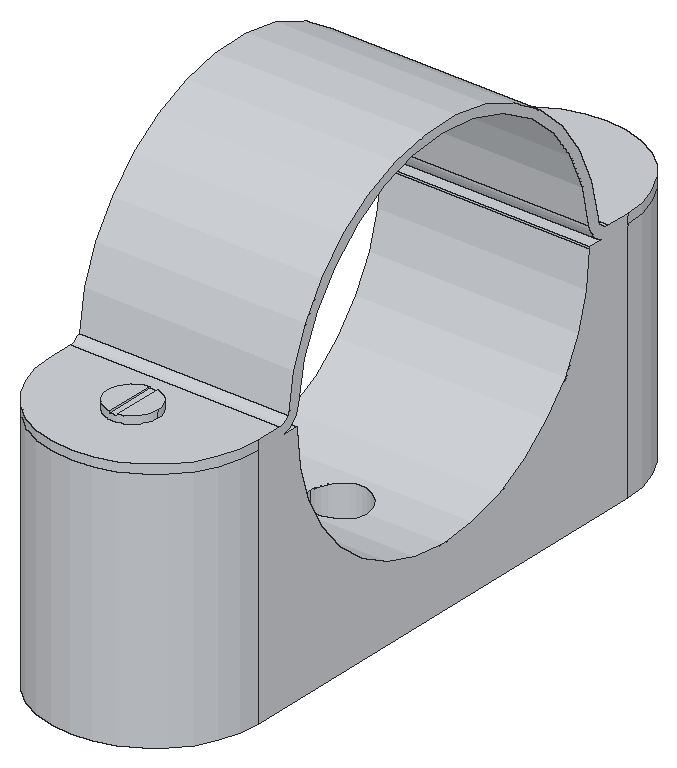
Revit family "DS5G", category Generic Models, Revit 2017
Family settings
  Can host rebar = No
  Round Connector Dimension = Use Diameter
  Part Type = Normal
  Work Plane-Based = Yes
  Always vertical = No
  Cut with Voids When Loaded = No
  Shared = No
  Room Calculation Point = No
Parameters (values of type "NBS Standard Parameters")
  Weight = "0.270Kg"
  WarrantyStartDate [instance] = "1900-12-31T23:59:59"
  WarrantyGuarantorParts = "n/a"
  WarrantyGuarantorLabor = "n/a"
  WarrantyDurationUnit = "year"
  WarrantyDurationParts = "n/a"
  WarrantyDurationLabor = "n/a"
  WarrantyDescription = "n/a"
  Version = "1"
  Uniclass2 = "Pr_65_70_11_20"
  TagNumber [instance] = "n/a"
  SustainabilityPerformance = "n/a"
  Size = "2\""
  Shape = "n/a"
  SerialNumber [instance] = "n/a"
  Revision = "n/a"
  ReplacementCost = "n/a"
  ProductInformation = "www.metpro.co.uk/pdf/ds5g.pdf"
  NominalWidth = 29 mm
  NominalLength = 93 mm
  NominalHeight = 60 mm
  Name = ""
  NBSTypeID = ""
  NBSReference = "90-55-10/460"
  NBSOfficeMasterTag = ""
  NBSNote = ""
  NBSDescription = "Conduit Fittings"
  NBSCertification = ""
  ModelReference = "DS5G"
  ModelNumber = "n/a"
  Material = "Cast Body, Pressed Steel Strap"
  ManufacturerURL = "www.metpro.co.uk"
  ManufacturerName = "Metpro Ltd"
  Keynote = "Comprises of Body, Strap and 2 Screws"
  InstallationDate [instance] = "1900-12-31T23:59:59"
  IfcExportType = ""
  IfcExportAs = ""
  Grade = "n/a"
  Finish = "Galvanised"
  Features = "n/a"
  ExpectedLife = "n/a"
  DurationUnit = "year"
  Description = "DS5G - 2\" Distance Saddle"
  Default Elevation = 1219.2 mm
  Constituents = "n/a"
  Color = "n/a"
  CodePerformance = "n/a"
  Category = "n/a"
  BarCode [instance] = "n/a"
  BIMObjectName = "Metpro_metprolibrary_conduitfittings_metalcomponent_steelaccessories"
  Author = "Metpro Limited"
  AssetType = ""
  AssetIdentifier [instance] = "n/a"
  AccessibilityPerformance = "n/a"
Reference planes
  plane 1 "Center (Front/Back)": y = 0
  plane 2: z = 0
  plane 3 "Center (Left/Right)": x = 0
Forms (mm)
  Extrusion 1, solid
    sketch origin (-227.437, 775.667, 0) x (1, 0, 0) y (0, 1, 0)
      loop
        line (7.044, 31.586) -> (7.044, -32.414)
        arc (7.044, -32.414) -> (21.544, -46.914) -> (36.044, -32.414) r 14.5
        line (36.044, -32.414) -> (36.044, 31.586)
        arc (36.044, 31.586) -> (21.544, 46.086) -> (7.044, 31.586) r 14.5
    from 0 to 34
  Extrusion 2, void
    sketch origin (-191.393, 807.253, 3.75) x (0, 1, 0) y (0, 0, -1)
      loop
        circle (-32, -30) r 25.4
    from -3.798 to 34.675
  Extrusion 3, solid
    sketch origin (-191.393, 807.253, 0) x (0, -1, 0) y (0, 0, -1)
      loop
        arc (6.742, -36.683) -> (5.765, -34.769) -> (3.759, -34) r 3
        line (3.759, -34) -> (-15.296, -34) -> (-15.296, -35.25) -> (3.313, -35.25)
        arc (3.313, -35.25) -> (4.639, -35.753) -> (5.298, -37.008) r 2
        arc (5.298, -37.008) -> (32.508, -60.645) -> (58.806, -35.997) r 26.9
        arc (58.806, -35.997) -> (59.501, -35.447) -> (60.365, -35.25) r 2
        line (60.365, -35.25) -> (79.461, -35.25) -> (79.461, -34) -> (60.241, -34)
        arc (60.241, -34) -> (58.235, -34.769) -> (57.258, -36.683) r 3
        arc (57.258, -36.683) -> (32, -59.4) -> (6.742, -36.683) r 25.4
    from -31.171 to 3
  Extrusion 4, void
    sketch origin (-191.393, 749.853, 34) x (0, 1, 0) y (-1, 0, 0)
      loop
        arc (-6.6, 29) -> (-21.1, 14.5) -> (-6.6, 0) r 14.5
        line (-6.6, 0) -> (57.4, 0)
        arc (57.4, 0) -> (71.9, 14.5) -> (57.4, 29) r 14.5
        line (57.4, 29) -> (-6.6, 29)
      loop
        line (-27.263, 38.522) -> (-27.263, -10.2) -> (77.737, -10.2) -> (77.737, 38.522) -> (-27.263, 38.522)
    from 0 to 37.53
  Extrusion 5, solid
    sketch origin (-191.393, 749.853, 35.25) x (0, -1, 0) y (1, 0, 0)
      loop
        circle (-60.464, -15) r 3.5
      loop
        circle (9.664, -15) r 3.5
    from 0 to 1.001
  Extrusion 6, void
    sketch origin (-191.393, 749.853, 36.251) x (1, 0, 0) y (0, -1, 0)
      loop
        line (-15.413, 13.549) -> (-15.413, 5.439) -> (-14.294, 5.439) -> (-14.294, 13.549) -> (-15.413, 13.549)
      loop
        line (-15.413, -64.349) -> (-14.294, -64.349) -> (-14.294, -56.239) -> (-15.413, -56.239) -> (-15.413, -64.349)
    from 0 to 0.2
  Extrusion 7, void
    sketch origin (0, 0, 0) x (1, 0, 0) y (0, 1, 0)
      loop
        circle (-205.893, 775.253) r 4
    from 0 to 23.403
Cuts and joins
  Extrusion 2, Extrusion 7 cuts Extrusion 1
  Extrusion 4, Extrusion 7 cuts Extrusion 3
  joined: Extrusion 1, Extrusion 3
  Extrusion 6 cuts Extrusion 5
Dimensions and locks
  aligned and locked: level to plane 2
